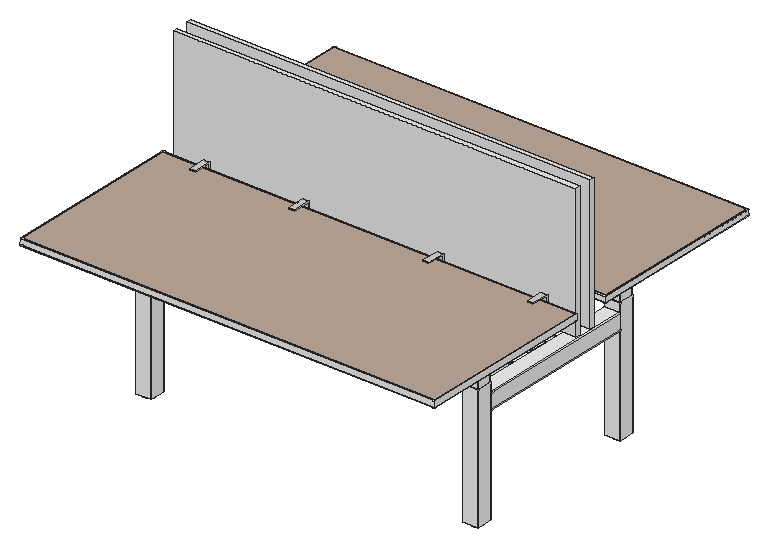
Revit family "T200024", category Furniture, Revit 2022 (continued)
Definition of nested family "OFS RANGE 30D RECTANGULAR TOP"
  Types (10): name | Width | Model | Description
    30D RECTANGULAR TOP 54W | 54" | "HB-5430HARTS" | "OFS CAROLINA RANGE 30\"D RECTANGULAR TOP, 54\" Width, Use with 60\" Bench Kit when Worksurface Side Modesty is Specified"
    30D RECTANGULAR TOP 60W | 60" | "HB-6030HARTS" | "OFS CAROLINA RANGE 30\"D RECTANGULAR TOP, 60\" Width, Use with 66\" Bench Kit when Worksurface Side Modesty is Specified"
    30D RECTANGULAR TOP 66W | 66" | "HB-6630HARTS" | "OFS CAROLINA RANGE 30\"D RECTANGULAR TOP, 66\" Width, Use with 72\" Bench Kit when Worksurface Side Modesty is Specified"
    30D RECTANGULAR TOP 72W | 72" | "HB-7230HART" | "OFS CAROLINA RANGE 30\"D RECTANGULAR TOP, 72\" Width, Use with 72\" Bench Kit"
  Reference planes (in)
    plane 1 "Back": y = 0
    plane 2: z = 0
    plane 3 "Center Left/Right": x = 0
    plane 4 "Front": y = -30
    plane 5 "Left": x = -36
    plane 6 "Right": x = 36
    plane 7: z = 27.875
    plane 8: z = 29.0625
    plane 9: y = -0.125
    plane 10: x = -35.875
    plane 11: x = 35.875
    plane 12: y = -29.875
    plane 13: y = -15
  Forms (in)
    Extrusion 1, solid, material <- "Worksurface Material"
      sketch origin (0, 0, 0) x (1, 0, 0) y (0, 1, 0)
        loop
          line (-35.875, -0.125) -> (-35.875, -29.875) -> (35.875, -29.875) -> (35.875, -0.125) -> (-35.875, -0.125)
      from 27.875 to 29.0625
    Sweep 2, solid, material <- "Edge Material"
      path in 3D
        loop
          line (-35.875, -0.125, 29.0625) -> (-35.875, -29.875, 29.0625) -> (35.875, -29.875, 29.0625) -> (35.875, -0.125, 29.0625) -> (-35.875, -0.125, 29.0625)
      profile origin (0, -0.125, 29.0625) x (0, -1, 0) y (0, 0, 1)
        loop
          arc (0, 0) -> (-0.08839, -0.03661) -> (-0.125, -0.125) r 0.125
          line (-0.125, -0.125) -> (-0.125, -1.0625)
          arc (-0.125, -1.0625) -> (-0.08839, -1.15089) -> (0, -1.1875) r 0.125
          line (0, -1.1875) -> (0, 0)
  Lines and regions (in)
    sketch lines
      curve 1: line (35.875, -0.125, 29.0625) -> (-35.875, -0.125, 29.0625)
      curve 2: line (-35.875, -0.125, 29.0625) -> (-35.875, -29.875, 29.0625)
      curve 3: line (-35.875, -29.875, 29.0625) -> (35.875, -29.875, 29.0625)
      curve 4: line (35.875, -29.875, 29.0625) -> (35.875, -0.125, 29.0625)
  Dimensions and locks (in)
    "Depth": plane 4 "Front" to plane 1 "Back"
    equal spacing: plane 5 "Left", plane 3 "Center Left/Right", plane 6 "Right"
    "Width": plane 5 "Left" to plane 6 "Right"
    "Height from Floor": plane 7 to level
    "Height": plane 8 to plane 7
    locked: plane 5 "Left" to plane 10 at 0.125
    locked: plane 11 to plane 6 "Right" at 0.125
    locked: plane 4 "Front" to plane 12 at 0.125
    locked: plane 9 to plane 1 "Back" at 0.125
    equal spacing: plane 4 "Front", plane 13, plane 1 "Back"
    aligned and locked: level to plane 2
    aligned and locked: plane 11 to Extrusion 1 sketch curve
    aligned and locked: plane 9 to Extrusion 1 sketch curve
    aligned and locked: plane 10 to Extrusion 1 sketch curve
    aligned and locked: plane 8 to Extrusion 1
    aligned and locked: Extrusion 1 to plane 7
  Automatic sketch dimensions
    plane 12 to Extrusion 1 sketch curve = 0"
    Sweep 2 sketch curve to profile plane = 0"  (x2)
    Sweep 2 sketch curve to Sweep 2 sketch curve = 15/16"
    Sweep 2 sketch curve to Sweep 2 sketch curve = 1/8"
Definition of nested family "OFS RANGE BRACKETS FOR WORKSURFACE EDGE MODESTY WOOD AND TFL PANEL"
  Parameters (values of type "BRACKETS FOR WORKSURFACE EDGE MODESTY Wood and TFL Panel")
    Width = 1"
    URL = "http://www.ofs.com/"
    Height from Floor = 30"
    Height = 2 1/2"
    Model = "WEBKT-2"
    Manufacturer = "CAROLINA"
    Description = "OFS CAROLINA RANGE BRACKETS FOR WORKSURFACE EDGE MODESTY Wood and TLF Panel, the Brackets are Not Visible from the Approach Side"
    Depth = 3 1/4"
    Default Elevation = 0"
    Copyright © = "© 2019 OFS"
    Catalog = "https://ofs.com/products/open-plan/benching/range"
    Authoring Version = "Autodesk Revit Architecture 2015"
    Assembly Code = "E2020200"
    Surface Material = none
  Reference planes (in)
    plane 1 "Center (Front/Back)": y = 0
    plane 2: z = 0
    plane 3 "Center (Left/Right)": x = 0
    plane 4: x = 0.5
    plane 5: x = -0.5
    plane 6: y = 0.25
    plane 7: y = -3
    plane 8: z = 30
    plane 9: z = 32.5
    plane 10: y = -1.25
  Forms (in)
    Extrusion 1, solid, material <- "Surface Material"
      sketch origin (0, 0, 0) x (0, 1, 0) y (0, 0, 1)
        loop
          line (0, 32.5) -> (-3, 32.5) -> (-3, 32.375) -> (-1.25, 32.375) -> (-1.25, 31.125) -> (-3, 31.125) -> (-3, 31) -> (-1.25, 31) -> (-1.25, 30) -> (0, 30) -> (0, 32.5)
        loop
          line (-0.125, 32.375) -> (-1.125, 32.375) -> (-1.125, 30.125) -> (-0.125, 30.125) -> (-0.125, 32.375)
      from -0.5 to 0.5
    Extrusion 2, void
      sketch origin (0, 0, 0) x (1, 0, 0) y (0, 0, 1)
        loop
          circle (0, 30.5625) r 0.1875
        loop
          circle (0, 31.6875) r 0.1875
      from 0.83423 to 1.60927
    Extrusion 3, solid, material <- "Surface Material"
      sketch origin (0, 0, 0) x (1, 0, 0) y (0, 0, 1)
        loop
          circle (0, 30.5625) r 0.0625
        loop
          circle (0, 31.6875) r 0.0625
      from 0 to -0.25
    Extrusion 4, solid, material <- "Surface Material"
      sketch origin (0, 0, 0) x (1, 0, 0) y (0, 1, 0)
        loop
          circle (0, -2.15157) r 0.125
      from 31.125 to 31.5
  Cuts and joins
    Extrusion 2 cuts Extrusion 1
  Dimensions and locks (in)
    equal spacing: plane 5, plane 3 "Center (Left/Right)", plane 4
    "Width": plane 5 to plane 4
    plane 1 "Center (Front/Back)" to plane 7 = 3"
    "Height": plane 9 to plane 8
    "Height from Floor": plane 8 to level
    plane 1 "Center (Front/Back)" to plane 6 = 1/4"
    aligned and locked: level to plane 2
    aligned and locked: plane 9 to Extrusion 1 sketch curve
    aligned and locked: Extrusion 1 sketch curve to plane 1 "Center (Front/Back)"
    aligned and locked: Extrusion 1 sketch curve to plane 8
    aligned and locked: plane 10 to Extrusion 1 sketch curve
    aligned and locked: Extrusion 1 sketch curve to plane 7
    aligned and locked: plane 5 to Extrusion 1
    aligned and locked: plane 4 to Extrusion 1
    aligned and locked: Extrusion 3 to plane 1 "Center (Front/Back)"
    aligned and locked: plane 6 to Extrusion 3
  Automatic sketch dimensions
    Extrusion 1 sketch curve to plane 10 = 0"
    plane 8 to Extrusion 1 sketch curve = 1/8"
    Extrusion 1 sketch curve to plane 7 = 0"
    Extrusion 1 sketch curve to plane 10 = 1/8"
    plane 1 "Center (Front/Back)" to Extrusion 1 sketch curve = 1/8"
    Extrusion 1 sketch curve to Extrusion 1 sketch curve = 7/8"
    Extrusion 1 sketch curve to Extrusion 1 sketch curve = 1/8"
    Extrusion 1 sketch curve to plane 9 = 1/8"  (x2)
    Extrusion 2 sketch curve to plane 3 "Center (Left/Right)" = 0"  (x2)
    plane 8 to Extrusion 2 sketch curve = 9/16"
    Extrusion 2 sketch curve to plane 9 = 13/16"
    Extrusion 3 sketch curve to plane 3 "Center (Left/Right)" = 0"  (x2)
    plane 8 to Extrusion 3 sketch curve = 9/16"
    Extrusion 3 sketch curve to plane 9 = 13/16"
    Extrusion 4 sketch curve to plane 3 "Center (Left/Right)" = 0"
    Extrusion 4 sketch curve to plane 7 = 0.84843"
    radius of Extrusion 2 sketch curve = 3/16"  (x2)
    radius of Extrusion 3 sketch curve = 1/16"  (x2)
    radius of Extrusion 4 sketch curve = 1/8"
Definition of nested family "OFS RANGE WORKSURFACE EDGE MODESTY TFL HPL OR WILSONART"
  Parameters (values of type "WORKSURFACE EDGE MODESTY 68W TFL HPL OR WILSONART")
    Worksurface Material = none
    Width = 68"
    URL = "http://www.ofs.com/"
    Model = "HB-WEMK-68/22.5"
    Manufacturer = "CAROLINA"
    Height from Floor = 24 1/2"
    Height = 22 1/2"
    Support Material = none
    Description = "OFS RANGE WORKSURFACE EDGE MODESTY TFL HPL OR WILSONART, 68\" Width, Use with 70\"W Worksurface"
    Depth = 3/4"
    Default Elevation = 0"
    Copyright © = "©OFS 2019"
    Catalog = "https://ofs.com/products/open-plan/benching/range"
    Authoring Version = "Autodesk Revit Architecture 2015"
    Assembly Code = "E2020200"
  Types (10): name | Width | Model | Description
    (no name) | 68" | "HB-WEMK-68/22.5" | "OFS RANGE WORKSURFACE EDGE MODESTY TFL HPL OR WILSONART, 68\" Width, Use with 70\"W Worksurface"
    WORKSURFACE EDGE MODESTY 46W TFL HPL OR WILSONART | 46" | "HB-WEMK-46/22.5" | "OFS RANGE WORKSURFACE EDGE MODESTY TFL HPL OR WILSONART, 46\" Width, Use with 48\"W Worksurface"
    WORKSURFACE EDGE MODESTY 52W TFL HPL OR WILSONART | 52" | "HB-WEMK-52/22.5" | "OFS RANGE WORKSURFACE EDGE MODESTY TFL HPL OR WILSONART, 52\" Width, Use with 54\"W Worksurface"
    WORKSURFACE EDGE MODESTY 58W TFL HPL OR WILSONART | 58" | "HB-WEMK-58/22.5" | "OFS RANGE WORKSURFACE EDGE MODESTY TFL HPL OR WILSONART, 58\" Width, Use with 60\"W Worksurface"
    WORKSURFACE EDGE MODESTY 64W TFL HPL OR WILSONART | 64" | "HB-WEMK-64/22.5" | "OFS RANGE WORKSURFACE EDGE MODESTY TFL HPL OR WILSONART, 64\" Width, Use with 66\"W Worksurface"
    WORKSURFACE EDGE MODESTY 70W TFL HPL OR WILSONART | 70" | "HB-WEMK-70/22.5" | "OFS RANGE WORKSURFACE EDGE MODESTY TFL HPL OR WILSONART, 70\" Width, Use with 72\"W Worksurface"
    WORKSURFACE EDGE MODESTY 50W TFL HPL OR WILSONART | 50" | "HB-WEMK-50/22.5" | "OFS RANGE WORKSURFACE EDGE MODESTY TFL HPL OR WILSONART, 50\" Width, Use with 52\"W Worksurface"
    WORKSURFACE EDGE MODESTY 56W TFL HPL OR WILSONART | 56" | "HB-WEMK-56/22.5" | "OFS RANGE WORKSURFACE EDGE MODESTY TFL HPL OR WILSONART, 56\" Width, Use with 58\"W Worksurface"
    WORKSURFACE EDGE MODESTY 62W TFL HPL OR WILSONART | 62" | "HB-WEMK-62/22.5" | "OFS RANGE WORKSURFACE EDGE MODESTY TFL HPL OR WILSONART, 62\" Width, Use with 64\"W Worksurface"
    WORKSURFACE EDGE MODESTY 68W TFL HPL OR WILSONART | 68" | "HB-WEMK-68/22.5" | "OFS RANGE WORKSURFACE EDGE MODESTY TFL HPL OR WILSONART, 68\" Width, Use with 70\"W Worksurface"
  Reference planes (in)
    plane 1 "Back": y = -11.625
    plane 2: z = 0
    plane 3 "Center Left/Right": x = 0
    plane 4 "Front": y = -12.375
    plane 5 "Left": x = -34
    plane 6 "Right": x = 34
    plane 7: z = 24.5
    plane 8: z = 47
    plane 9: y = -12
    plane 10: x = -27.5
    plane 11: x = -25
    plane 12: x = 27.5
    plane 13: x = 25
  Forms (in)
    Extrusion 1, solid, material <- "Worksurface Material"
      sketch origin (0, 0, 0) x (1, 0, 0) y (0, 1, 0)
        loop
          line (-34, -11.625) -> (-34, -12.375) -> (34, -12.375) -> (34, -11.625) -> (-34, -11.625)
      from 24.5 to 47
  Dimensions and locks (in)
    "Depth": plane 4 "Front" to plane 1 "Back"
    equal spacing: plane 5 "Left", plane 3 "Center Left/Right", plane 6 "Right"
    "Width": plane 5 "Left" to plane 6 "Right"
    "Height from Floor": plane 7 to level
    "Height": plane 8 to plane 7
    equal spacing: plane 4 "Front", plane 9, plane 1 "Back"
    plane 5 "Left" to plane 10 to plane 11 = 6 1/2" locked, 2 1/2" locked
    plane 6 "Right" to plane 12 to plane 13 = 6 1/2" locked, 2 1/2" locked
    aligned and locked: level to plane 2
    aligned and locked: plane 8 to Extrusion 1
    aligned and locked: Extrusion 1 to plane 7
    aligned and locked: plane 4 "Front" to Extrusion 1
    aligned and locked: Extrusion 1 to plane 5 "Left"
    aligned and locked: Extrusion 1 to plane 1 "Back"
    aligned and locked: Extrusion 1 to plane 6 "Right"
  Automatic sketch dimensions
    plane 4 "Front" to Extrusion 1 sketch curve = 0"
    Extrusion 1 sketch curve to plane 5 "Left" = 0"
    Extrusion 1 sketch curve to plane 6 "Right" = 0"
    plane 1 "Back" to Extrusion 1 sketch curve = 0"
Definition of nested family "OFS ELEMENT OPEN L DESK LEFT AND RIGHT 84in Width 60in Return"
  Parameters (values of type "ELEMENT OPEN L DESK RIGHT RETURN 84in Width 60in Return")
    Worksurface Material = none
    Width = 84"
    URL = "http://www.ofsbrands.com/"
    Transaction Shelf Material = none
    Table Supp from Lateral = 2 5/8"
    Table Supp from Center = 11 1/8"
    Table Depth = 13 1/2"
    Right Return Desk Option = no
    Right Desk Ovelay [instance] = and(Right Return Desk Option, Desk Overlay Option)  # no
    Return Worksurface Width = 22"
    Paper Organizer Material = none
    Paper Organizer Depth = 12 3/4"
    Paper Organizer Clearance = 4 5/8"
    Paper Organizer Board Thickness = 3/4"
    Model = "EL-T84RL60C"
    Manufacturer = "OFS"
    Left Return Desk Option = yes
    Left Desk Overlay [instance] = and(Left Return Desk Option, Desk Overlay Option)  # yes
    Lateral Board Thickness = 1 3/16"
    Height = 45"
    Standoffs Material = none
    Groomet Material = none
    Desk Overlay Thickness = 1/8"
    Desk Overlay Option [instance] = yes
    Desk Overlay Material = none
    Desk Overlay = 6 1/2"
    Description = "OFS BRANDS OFS ELEMENT OPEN L DESK RIGHT RETURN 84\" Width, 84\"W x 34.3125\"D DESK, 60\"W x 22\"D RETURN With Paper Organizer"
    Desk Depth = 34 5/16"
    Depth = 94 5/16"
    Default Elevation = 0"
    Copyright © = "© 2018 OFS BRANDS"
    Catalog = "http://ofs.com/products/casegoods/reception/element"
    Bottom Board Offset = 0"
    Chassis Material = none
    Base Depth = 30"
    Back Board Thickness = 1 3/16"
    Authoring Version = "Autodesk Revit Architecture 2013"
    Assembly Code = "E2020200"
  Types (3): name | Model | Left Return Desk Option | Left Desk Overlay | Description
    (no name) | "EL-T84RL60C" | yes | yes | "OFS BRANDS OFS ELEMENT OPEN L DESK RIGHT RETURN 84\" Width, 84\"W x 34.3125\"D DESK, 60\"W x 22\"D RETURN With Paper Organizer"
    ELEMENT OPEN L DESK LEFT RETURN 84in Width 60in Return | "EL-T84LL60C" | no | no | "OFS BRANDS OFS ELEMENT OPEN L DESK LEFT RETURN 84\" Width, 84\"W x 34.3125\"D DESK, 60\"W x 22\"D RETURN With Paper Organizer"
    ELEMENT OPEN L DESK RIGHT RETURN 84in Width 60in Return | "EL-T84RL60C" | yes | yes | "OFS BRANDS OFS ELEMENT OPEN L DESK RIGHT RETURN 84\" Width, 84\"W x 34.3125\"D DESK, 60\"W x 22\"D RETURN With Paper Organizer"
  Reference planes (in)
    plane 1 "Center Front/Back": y = 0
    plane 2: z = 0
    plane 3 "Center Left/Right": x = 0
    plane 4 "Back External": y = 17.15625
    plane 5 "Right External": x = 42
    plane 6 "Front External": y = -17.15625
    plane 7 "Left External": x = -42
    plane 8 "Seat Height": z = 29.5
    plane 9 "Height": z = 45
    plane 10: x = 40.8125
    plane 11: x = -40.8125
    plane 12: y = 12.84375
    plane 13: y = 11.65625
    plane 14: y = 3.65625
    plane 15: z = 40.5
    plane 16: z = 28.5
    plane 17: z = 43.875
    plane 18: z = 39.375
    plane 19: z = 0
    plane 20: x = 39.375
    plane 21: x = 2.625
    plane 22: x = 35.5
    plane 23: z = 6.5
    plane 24: z = 34
    plane 25: y = 12.96875
    plane 26: y = -77.15625
    plane 27: x = -20
    plane 28: x = 20
    plane 29: y = -75.96875
    plane 30: x = -37
    plane 31: x = 37
    plane 32: y = -47.15625
    plane 33: x = 6.5
    plane 34: y = -18.34375
    plane 35: y = -75.21875
    plane 36: x = -40.0625
    plane 37: y = -19.09375
    plane 38: x = -28.0625
    plane 39: z = 34.125
    plane 40: z = 39.75
    plane 41: z = 34.875
    plane 42: y = -61.5625
    plane 43: y = -32.75
    plane 44: x = -28.8125
    plane 45: x = 20
    plane 46: x = 37
    plane 47: y = -19.09375
    plane 48: x = 28.0625
    plane 49: y = -61.5625
    plane 50: y = -32.75
    plane 51: x = 28.8125
    plane 52: x = -39.375
    plane 53: x = -2.625
    plane 54: x = -35.5
    plane 55: x = -6.5
  Forms (in)
    Extrusion 1, solid, material <- "Chassis Material", visible <- "Left Return Desk Option"
      sketch origin (0, 0, 0) x (1, 0, 0) y (0, 1, 0)
        loop
          line (42, 12.84375) -> (0, 12.84375) -> (0, 11.65625) -> (40.8125, 11.65625) -> (40.8125, -17.15625) -> (42, -17.15625) -> (42, 12.84375)
      from 0 to 40.5
    Extrusion 2, solid, material <- "Chassis Material", visible <- "Left Return Desk Option"
      sketch origin (0, 0, 6) x (1, 0, 0) y (0, 1, 0)
        loop
          line (0, 11.65625) -> (0, 3.65625) -> (40.8125, 3.65625) -> (40.8125, 11.65625) -> (0, 11.65625)
      from 33.375 to 34.5
    Extrusion 3, solid, material <- "Transaction Shelf Material", visible <- "Left Return Desk Option"
      sketch origin (0, 0, 6) x (1, 0, 0) y (0, 1, 0)
        loop
          line (0, 17.15625) -> (0, 3.65625) -> (42, 3.65625) -> (42, 17.15625) -> (0, 17.15625)
      from 37.875 to 39
    Extrusion 4, solid, material <- "Standoffs Material", visible <- "Left Return Desk Option"
      sketch origin (44.5, 0, 0) x (1, 0, 0) y (0, 1, 0)
        loop
          circle (-41.875, 10.04085) r 0.625
      from 40.5 to 43.875
    Extrusion 5, solid, material <- "Standoffs Material", visible <- "Left Return Desk Option"
      sketch origin (44.5, -4.75, 0) x (1, 0, 0) y (0, 1, 0)
        loop
          circle (-41.875, 10.04085) r 0.625
      from 40.5 to 43.875
    Extrusion 6, solid, material <- "Standoffs Material", visible <- "Left Return Desk Option"
      sketch origin (66.75, 0, 0) x (1, 0, 0) y (0, 1, 0)
        loop
          circle (-27.375, 10.04085) r 0.625
      from 40.5 to 43.875
    Extrusion 7, solid, material <- "Standoffs Material", visible <- "Left Return Desk Option"
      sketch origin (66.75, -4.75, 0) x (1, 0, 0) y (0, 1, 0)
        loop
          circle (-27.375, 10.04085) r 0.625
      from 40.5 to 43.875
    Extrusion 8, solid, material <- "Chassis Material", visible <- "Left Return Desk Option"
      sketch origin (0, 0, 0) x (1, 0, 0) y (0, 1, 0)
        loop
          line (-42, -17.15625) -> (-42, -77.15625) -> (-20, -77.15625) -> (-20, -75.96875) -> (-40.8125, -75.96875) -> (-40.8125, -18.34375) -> (-20, -18.34375) -> (-20, -17.15625) -> (-42, -17.15625)
      from 0 to 40.5
    Extrusion 9, solid, material <- "Worksurface Material", visible <- "Left Return Desk Option"
      sketch origin (14.83926, -32.43958, 0) x (1, 0, 0) y (0, 1, 0)
        loop
          line (-55.65176, 14.09583) -> (-55.65176, -43.52917) -> (-34.83926, -43.52917) -> (-34.83926, 14.09583) -> (-55.65176, 14.09583)
      from 28.5 to 29.5
    Extrusion 10, solid, material <- "Desk Overlay Material", visible <- "Left Desk Overlay"
      sketch origin (0, 0, 0) x (1, 0, 0) y (0, 0, 1)
        loop
          line (35.5, 34) -> (6.5, 34) -> (6.5, 6.5) -> (35.5, 6.5) -> (35.5, 34)
      from -12.96875 to -12.84375
    Extrusion 11, solid, material <- "Chassis Material", visible <- "Left Return Desk Option"
      sketch origin (-18.5848, -3.95032, 0) x (1, 0, 0) y (0, 1, 0)
        loop
          line (19.7723, 15.60657) -> (18.5848, 15.60657) -> (18.5848, 3.95032) -> (19.7723, 3.95032) -> (19.7723, 15.60657)
      from 0 to 28.5
    Extrusion 12, solid, material <- "Paper Organizer Material", visible <- "Left Return Desk Option"
      sketch origin (0, 0, 0) x (1, 0, 0) y (0, 1, 0)
        loop
          line (-28.0625, -19.09375) -> (-28.0625, -18.34375) -> (-40.8125, -18.34375) -> (-40.8125, -75.96875) -> (-28.0625, -75.96875) -> (-28.0625, -75.21875) -> (-40.0625, -75.21875) -> (-40.0625, -19.09375) -> (-28.0625, -19.09375)
      from 34.125 to 40.5
    Extrusion 13, solid, material <- "Paper Organizer Material", visible <- "Left Return Desk Option"
      sketch origin (0, 0, 0) x (1, 0, 0) y (0, 1, 0)
        loop
          line (-40.8125, -18.34375) -> (-40.8125, -75.96875) -> (-28.0625, -75.96875) -> (-28.0625, -18.34375) -> (-40.8125, -18.34375)
      from 39.75 to 40.5
    Extrusion 14, solid, material <- "Paper Organizer Material", visible <- "Left Return Desk Option"
      sketch origin (0, 0, 0) x (1, 0, 0) y (0, 1, 0)
        loop
          line (-40.8125, -18.34375) -> (-40.8125, -75.96875) -> (-28.0625, -75.96875) -> (-28.0625, -18.34375) -> (-40.8125, -18.34375)
      from 34.125 to 34.875
    Extrusion 15, solid, material <- "Paper Organizer Material", visible <- "Left Return Desk Option"
      sketch origin (0, 0, 0) x (1, 0, 0) y (0, 1, 0)
        loop
          line (-40.0625, -32.625) -> (-40.0625, -32.875) -> (-28.8125, -32.875) -> (-28.8125, -32.625) -> (-40.0625, -32.625)
      from 34.875 to 39.75
    Extrusion 16, solid, material <- "Paper Organizer Material", visible <- "Left Return Desk Option"
      sketch origin (0, -11.40625, 0) x (1, 0, 0) y (0, 1, 0)
        loop
          line (-40.0625, -35.625) -> (-40.0625, -35.875) -> (-28.8125, -35.875) -> (-28.8125, -35.625) -> (-40.0625, -35.625)
      from 34.875 to 39.75
    Extrusion 17, solid, material <- "Paper Organizer Material", visible <- "Left Return Desk Option"
      sketch origin (0, -22.8125, 0) x (1, 0, 0) y (0, 1, 0)
        loop
          line (-40.0625, -38.625) -> (-40.0625, -38.875) -> (-28.8125, -38.875) -> (-28.8125, -38.625) -> (-40.0625, -38.625)
      from 34.875 to 39.75
    Extrusion 18, solid, material <- "Chassis Material", visible <- "Right Return Desk Option"
      sketch origin (0, 0, 0) x (-1, 0, 0) y (0, -1, 0)
        loop
          line (-42, 17.15625) -> (-20, 17.15625) -> (-20, 18.34375) -> (-40.8125, 18.34375) -> (-40.8125, 75.96875) -> (-20, 75.96875) -> (-20, 77.15625) -> (-42, 77.15625) -> (-42, 17.15625)
      from 0 to 40.5
    Extrusion 19, solid, material <- "Worksurface Material", visible <- "Right Return Desk Option"
      sketch origin (-14.83926, -32.43958, 0) x (-1, 0, 0) y (0, -1, 0)
        loop
          line (-55.65176, -14.09583) -> (-34.83926, -14.09583) -> (-34.83926, 43.52917) -> (-55.65176, 43.52917) -> (-55.65176, -14.09583)
      from 28.5 to 29.5
    Extrusion 20, solid, material <- "Paper Organizer Material", visible <- "Right Return Desk Option"
      sketch origin (0, 0, 0) x (-1, 0, 0) y (0, -1, 0)
        loop
          line (-28.0625, 19.09375) -> (-40.0625, 19.09375) -> (-40.0625, 75.21875) -> (-28.0625, 75.21875) -> (-28.0625, 75.96875) -> (-40.8125, 75.96875) -> (-40.8125, 18.34375) -> (-28.0625, 18.34375) -> (-28.0625, 19.09375)
      from 34.125 to 40.5
    Extrusion 21, solid, material <- "Paper Organizer Material", visible <- "Right Return Desk Option"
      sketch origin (0, 0, 0) x (-1, 0, 0) y (0, -1, 0)
        loop
          line (-40.8125, 18.34375) -> (-28.0625, 18.34375) -> (-28.0625, 75.96875) -> (-40.8125, 75.96875) -> (-40.8125, 18.34375)
      from 39.75 to 40.5
    Extrusion 22, solid, material <- "Paper Organizer Material", visible <- "Right Return Desk Option"
      sketch origin (0, 0, 0) x (-1, 0, 0) y (0, -1, 0)
        loop
          line (-40.8125, 18.34375) -> (-28.0625, 18.34375) -> (-28.0625, 75.96875) -> (-40.8125, 75.96875) -> (-40.8125, 18.34375)
      from 34.125 to 34.875
    Extrusion 23, solid, material <- "Paper Organizer Material", visible <- "Right Return Desk Option"
      sketch origin (0, 0, 0) x (-1, 0, 0) y (0, -1, 0)
        loop
          line (-40.0625, 32.625) -> (-28.8125, 32.625) -> (-28.8125, 32.875) -> (-40.0625, 32.875) -> (-40.0625, 32.625)
      from 34.875 to 39.75
    Extrusion 24, solid, material <- "Paper Organizer Material", visible <- "Right Return Desk Option"
      sketch origin (0, -11.40625, 0) x (-1, 0, 0) y (0, -1, 0)
        loop
          line (-40.0625, 35.625) -> (-28.8125, 35.625) -> (-28.8125, 35.875) -> (-40.0625, 35.875) -> (-40.0625, 35.625)
      from 34.875 to 39.75
    Extrusion 25, solid, material <- "Paper Organizer Material", visible <- "Right Return Desk Option"
      sketch origin (0, -22.8125, 0) x (-1, 0, 0) y (0, -1, 0)
        loop
          line (-40.0625, 38.625) -> (-28.8125, 38.625) -> (-28.8125, 38.875) -> (-40.0625, 38.875) -> (-40.0625, 38.625)
      from 34.875 to 39.75
    Extrusion 26, solid, material <- "Worksurface Material", visible <- "Right Return Desk Option"
      sketch origin (0, 0, 0) x (-1, 0, 0) y (0, -1, 0)
        loop
          line (-36, -11.65625) -> (40.8125, -11.65625) -> (40.8125, 17.15625) -> (-42, 17.15625) -> (-42, -5.65625)
          arc (-42, -5.65625) -> (-40.24264, -9.89889) -> (-36, -11.65625) r 6
      from 28.5 to 29.5
    Extrusion 27, solid, material <- "Chassis Material", visible <- "Right Return Desk Option"
      sketch origin (0, 0, 0) x (-1, 0, 0) y (0, -1, 0)
        loop
          line (42, -12.84375) -> (42, 17.15625) -> (40.8125, 17.15625) -> (40.8125, -11.65625) -> (0, -11.65625) -> (0, -12.84375) -> (42, -12.84375)
      from 0 to 40.5
    Extrusion 28, solid, material <- "Transaction Shelf Material", visible <- "Right Return Desk Option"
      sketch origin (0, 0, 6) x (-1, 0, 0) y (0, -1, 0)
        loop
          line (0, -17.15625) -> (42, -17.15625) -> (42, -3.65625) -> (0, -3.65625) -> (0, -17.15625)
      from 37.875 to 39
    Extrusion 29, solid, material <- "Standoffs Material", visible <- "Right Return Desk Option"
      sketch origin (-44.5, 0, 0) x (-1, 0, 0) y (0, -1, 0)
        loop
          circle (-41.875, -10.04085) r 0.625
      from 40.5 to 43.875
    Extrusion 30, solid, material <- "Standoffs Material", visible <- "Right Return Desk Option"
      sketch origin (-44.5, -4.75, 0) x (-1, 0, 0) y (0, -1, 0)
        loop
          circle (-41.875, -10.04085) r 0.625
      from 40.5 to 43.875
    Extrusion 31, solid, material <- "Standoffs Material", visible <- "Right Return Desk Option"
      sketch origin (-66.75, 0, 0) x (-1, 0, 0) y (0, -1, 0)
        loop
          circle (-27.375, -10.04085) r 0.625
      from 40.5 to 43.875
    Extrusion 32, solid, material <- "Standoffs Material", visible <- "Right Return Desk Option"
      sketch origin (-66.75, -4.75, 0) x (-1, 0, 0) y (0, -1, 0)
        loop
          circle (-27.375, -10.04085) r 0.625
      from 40.5 to 43.875
    Extrusion 33, solid, material <- "Chassis Material", visible <- "Right Return Desk Option"
      sketch origin (18.5848, -3.95032, 0) x (-1, 0, 0) y (0, -1, 0)
        loop
          line (19.7723, -15.60657) -> (19.7723, -3.95032) -> (18.5848, -3.95032) -> (18.5848, -15.60657) -> (19.7723, -15.60657)
      from 0 to 28.5
    Extrusion 34, solid, material <- "Chassis Material", visible <- "Right Return Desk Option"
      sketch origin (0, 0, 6) x (-1, 0, 0) y (0, -1, 0)
        loop
          line (0, -11.65625) -> (40.8125, -11.65625) -> (40.8125, -3.65625) -> (0, -3.65625) -> (0, -11.65625)
      from 33.375 to 34.5
    Extrusion 35, solid, material <- "Desk Overlay Material", visible <- "Right Desk Ovelay"
      sketch origin (0, 0, 0) x (-1, 0, 0) y (0, 0, -1)
        loop
          line (35.5, -34) -> (35.5, -6.5) -> (6.5, -6.5) -> (6.5, -34) -> (35.5, -34)
      from -12.96875 to -12.84375
    Extrusion 36, solid, material <- "Worksurface Material", visible <- "Left Return Desk Option"
      sketch origin (0, 0, 0) x (1, 0, 0) y (0, 1, 0)
        loop
          arc (-36, 11.65625) -> (-40.24264, 9.89889) -> (-42, 5.65625) r 6
          line (-42, 5.65625) -> (-42, -17.15625) -> (40.8125, -17.15625) -> (40.8125, 11.65625) -> (-36, 11.65625)
      from 28.5 to 29.5
  Cuts and joins
    joined: Extrusion 12, Extrusion 13, Extrusion 14
    joined: Extrusion 20, Extrusion 21, Extrusion 22
  Dimensions and locks (in)
    equal spacing: plane 7 "Left External", plane 3 "Center Left/Right", plane 5 "Right External"
    "Width": plane 7 "Left External" to plane 5 "Right External"
    equal spacing: plane 6 "Front External", plane 1 "Center Front/Back", plane 4 "Back External"
    "Desk Depth": plane 4 "Back External" to plane 6 "Front External"
    plane 8 "Seat Height" to level = 29 1/2"
    "Height": plane 9 "Height" to level
    "Lateral Board Thickness": plane 7 "Left External" to plane 11
    "Lateral Board Thickness": plane 10 to plane 5 "Right External"
    "Base Depth": plane 12 to plane 6 "Front External"
    "Back Board Thickness": plane 12 to plane 13
    "Table Depth": plane 4 "Back External" to plane 14
    plane 15 to level = 40 1/2"
    "Bottom Board Offset": plane 19 to level
    "Table Supp from Lateral": plane 5 "Right External" to plane 20
    "Table Supp from Lateral": plane 21 to plane 3 "Center Left/Right"
    "Desk Overlay": plane 5 "Right External" to plane 22
    "Desk Overlay": plane 24 to plane 15
    "Desk Overlay": plane 19 to plane 23
    "Desk Overlay Thickness": plane 25 to plane 12
    "Depth": plane 4 "Back External" to plane 26
    "Return Worksurface Width": plane 7 "Left External" to plane 27
    "Return Worksurface Width": plane 28 to plane 5 "Right External"
    "Back Board Thickness": plane 29 to plane 26
    plane 7 "Left External" to plane 30 = 5"
    plane 31 to plane 5 "Right External" = 5"
    equal spacing: plane 34, plane 43, plane 32, plane 42, plane 29
    "Desk Overlay": plane 33 to plane 3 "Center Left/Right"
    "Back Board Thickness": plane 6 "Front External" to plane 34
    "Paper Organizer Board Thickness": plane 34 to plane 37
    "Paper Organizer Board Thickness": plane 11 to plane 36
    "Paper Organizer Board Thickness": plane 35 to plane 29
    "Paper Organizer Depth": plane 11 to plane 38
    "Paper Organizer Clearance": plane 39 to plane 8 "Seat Height"
    "Paper Organizer Board Thickness": plane 15 to plane 40
    "Paper Organizer Board Thickness": plane 41 to plane 39
    "Paper Organizer Board Thickness": plane 44 to plane 38
    "Return Worksurface Width": plane 5 "Right External" to plane 45
    plane 29 to plane 26 = 1 3/16"
    plane 5 "Right External" to plane 46 = 5"
    plane 34 to plane 50 to plane 32 to plane 49 to plane 29 = 14 13/32", 14 13/32", 14 13/32", 14 13/32"
    "Paper Organizer Board Thickness": plane 34 to plane 47
    plane 35 to plane 29 = 3/4"
    "Paper Organizer Depth": plane 10 to plane 48
    "Paper Organizer Board Thickness": plane 51 to plane 48
    "Table Supp from Lateral": plane 53 to plane 3 "Center Left/Right"
    "Table Supp from Lateral": plane 7 "Left External" to plane 52
    locked: plane 7 "Left External" to plane 54 at 6.5
    aligned and locked: level to plane 2
    aligned and locked: Extrusion 1 sketch curve to plane 12
    aligned and locked: plane 5 "Right External" to Extrusion 1 sketch curve
    aligned and locked: Extrusion 1 sketch curve to plane 13
    aligned and locked: Extrusion 1 to plane 19
    aligned and locked: Extrusion 2 to plane 18
    aligned and locked: plane 10 to Extrusion 2
    aligned and locked: Extrusion 2 to plane 13
    aligned and locked: Extrusion 2 to plane 14
    aligned and locked: Extrusion 3 to plane 14
    aligned and locked: Extrusion 3 to plane 4 "Back External"
    aligned and locked: Extrusion 3 to plane 9 "Height"
    aligned and locked: Extrusion 3 to plane 17
    aligned and locked: plane 5 "Right External" to Extrusion 3
    aligned and locked: Extrusion 8 sketch curve to plane 29
    aligned and locked: plane 27 to Extrusion 8 sketch curve
    aligned and locked: plane 26 to Extrusion 8 sketch curve
    aligned and locked: Extrusion 8 sketch curve to plane 6 "Front External"
    aligned and locked: plane 11 to Extrusion 9
    aligned and locked: Extrusion 9 to plane 27
    aligned and locked: Extrusion 9 to plane 29
    aligned and locked: Extrusion 8 to plane 19
    aligned and locked: plane 15 to Extrusion 8
    aligned and locked: Extrusion 3 to plane 3 "Center Left/Right"
    aligned and locked: Extrusion 2 to plane 3 "Center Left/Right"
    aligned and locked: Extrusion 10 to plane 33
    aligned and locked: Extrusion 10 to plane 22
    aligned and locked: Extrusion 8 sketch curve to plane 34
    aligned and locked: Extrusion 9 to Extrusion 8 sketch curve
    aligned and locked: Extrusion 9 to Extrusion 8
    aligned and locked: plane 37 to Extrusion 12 sketch curve
    aligned and locked: plane 36 to Extrusion 12 sketch curve
    aligned and locked: Extrusion 12 sketch curve to plane 35
    aligned and locked: Extrusion 12 sketch curve to Extrusion 8  (x3)
    aligned and locked: plane 38 to Extrusion 12 sketch curve  (x2)
    aligned and locked: plane 15 to Extrusion 12
    aligned and locked: Extrusion 12 to plane 39
    aligned and locked: Extrusion 13 sketch curve to Extrusion 8  (x2)
    aligned and locked: Extrusion 13 sketch curve to Extrusion 12  (x2)
    aligned and locked: Extrusion 13 to plane 40
    aligned and locked: plane 15 to Extrusion 13
    aligned and locked: Extrusion 14 sketch curve to Extrusion 8  (x2)
    aligned and locked: plane 29 to Extrusion 14 sketch curve
    aligned and locked: Extrusion 14 sketch curve to plane 38
    aligned and locked: Extrusion 14 to plane 39
    aligned and locked: plane 41 to Extrusion 14
    aligned and locked: Extrusion 15 to plane 41
    aligned and locked: Extrusion 16 to plane 41
    aligned and locked: Extrusion 17 to plane 41
    aligned and locked: plane 40 to Extrusion 15
    aligned and locked: plane 40 to Extrusion 16
    aligned and locked: plane 40 to Extrusion 17
    aligned and locked: plane 29 to Extrusion 18 sketch curve
    aligned and locked: plane 45 to Extrusion 18 sketch curve
    aligned and locked: Extrusion 18 sketch curve to plane 26
    aligned and locked: plane 45 to Extrusion 19
    aligned and locked: plane 29 to Extrusion 19
    aligned and locked: Extrusion 18 sketch curve to plane 34
    aligned and locked: Extrusion 19 to Extrusion 18 sketch curve
    aligned and locked: Extrusion 18 to Extrusion 19
    aligned and locked: Extrusion 20 sketch curve to plane 47
    aligned and locked: plane 35 to Extrusion 20 sketch curve
    aligned and locked: Extrusion 18 to Extrusion 20 sketch curve
    aligned and locked: Extrusion 20 sketch curve to Extrusion 18  (x2)
    aligned and locked: Extrusion 20 sketch curve to plane 48
    aligned and locked: plane 48 to Extrusion 20 sketch curve
    aligned and locked: Extrusion 21 sketch curve to Extrusion 18  (x2)
    aligned and locked: Extrusion 21 sketch curve to Extrusion 20  (x2)
    aligned and locked: Extrusion 22 sketch curve to Extrusion 18  (x2)
    aligned and locked: Extrusion 22 sketch curve to plane 29
    aligned and locked: plane 48 to Extrusion 22 sketch curve
    aligned and locked: Extrusion 26 to Extrusion 27 sketch curve
    aligned and locked: Extrusion 27 sketch curve to Extrusion 26
    aligned and locked: Extrusion 26 to Extrusion 33
    aligned and locked: plane 55 to Extrusion 35
    aligned and locked: plane 54 to Extrusion 35
  Automatic sketch dimensions
    Extrusion 1 sketch curve to plane 3 "Center Left/Right" = 0"
    plane 6 "Front External" to Extrusion 1 sketch curve = 0"
    Extrusion 1 sketch curve to plane 10 = 0"
    Extrusion 2 sketch curve to plane 3 "Center Left/Right" = 0"
    Extrusion 2 sketch curve to plane 10 = 0"
    Extrusion 2 sketch curve to plane 14 = 0"
    Extrusion 2 sketch curve to plane 13 = 0"
    Extrusion 3 sketch curve to plane 3 "Center Left/Right" = 0"
    Extrusion 3 sketch curve to plane 5 "Right External" = 0"
    Extrusion 3 sketch curve to plane 14 = 0"
    Extrusion 3 sketch curve to plane 4 "Back External" = 0"
    Extrusion 4 sketch curve to plane 21 = 0"
    Extrusion 4 sketch curve to plane 13 = 1.6154"
    Extrusion 5 sketch curve to plane 21 = 0"
    plane 14 to Extrusion 5 sketch curve = 1.6346"
    Extrusion 6 sketch curve to plane 20 = 0"
    Extrusion 6 sketch curve to plane 13 = 1.6154"
    Extrusion 7 sketch curve to plane 20 = 0"
    plane 14 to Extrusion 7 sketch curve = 1.6346"
    Extrusion 8 sketch curve to plane 7 "Left External" = 0"
    Extrusion 8 sketch curve to plane 11 = 0"
    Extrusion 9 sketch curve to plane 11 = 0"
    Extrusion 9 sketch curve to plane 27 = 0"
    Extrusion 9 sketch curve to plane 29 = 0"
    Extrusion 9 sketch curve to plane 34 = 0"
    Extrusion 10 sketch curve to plane 24 = 0"
    Extrusion 10 sketch curve to plane 33 = 0"
    plane 22 to Extrusion 10 sketch curve = 0"
    Extrusion 10 sketch curve to plane 23 = 0"
    Extrusion 11 sketch curve to plane 3 "Center Left/Right" = 0"
    plane 1 "Center Front/Back" to Extrusion 11 sketch curve = 0"
    Extrusion 11 sketch curve to plane 13 = 0"
    Extrusion 11 sketch curve to Extrusion 11 sketch curve = 1 3/16"
    Extrusion 12 sketch curve to plane 37 = 0"
    Extrusion 15 sketch curve to plane 36 = 0"
    Extrusion 15 sketch curve to plane 44 = 0"
    Extrusion 15 sketch curve to plane 43 = 1/8"
    plane 43 to Extrusion 15 sketch curve = 1/8"
    Extrusion 16 sketch curve to plane 36 = 0"
    Extrusion 16 sketch curve to plane 44 = 0"
    Extrusion 16 sketch curve to plane 32 = 1/8"
    plane 32 to Extrusion 16 sketch curve = 1/8"
    Extrusion 17 sketch curve to plane 36 = 0"
    Extrusion 17 sketch curve to plane 44 = 0"
    Extrusion 17 sketch curve to plane 42 = 1/8"
    plane 42 to Extrusion 17 sketch curve = 1/8"
    Extrusion 18 sketch curve to plane 5 "Right External" = 0"
    Extrusion 18 sketch curve to plane 10 = 0"
    Extrusion 18 sketch curve to plane 6 "Front External" = 0"
    Extrusion 19 sketch curve to plane 10 = 0"
    Extrusion 19 sketch curve to plane 28 = 0"
    Extrusion 19 sketch curve to plane 29 = 0"
    plane 34 to Extrusion 19 sketch curve = 0"
    plane 37 to Extrusion 20 sketch curve = 0"
    plane 20 to Extrusion 20 sketch curve = 11/16"
    Extrusion 23 sketch curve to plane 51 = 0"
    plane 43 to Extrusion 23 sketch curve = 1/8"
    Extrusion 23 sketch curve to plane 43 = 1/8"
    plane 20 to Extrusion 23 sketch curve = 11/16"
    Extrusion 24 sketch curve to plane 51 = 0"
    plane 32 to Extrusion 24 sketch curve = 1/8"
    Extrusion 24 sketch curve to plane 32 = 1/8"
    plane 20 to Extrusion 24 sketch curve = 11/16"
    Extrusion 25 sketch curve to plane 51 = 0"
    plane 42 to Extrusion 25 sketch curve = 1/8"
    Extrusion 25 sketch curve to plane 42 = 1/8"
    plane 20 to Extrusion 25 sketch curve = 11/16"
    Extrusion 26 sketch curve to plane 5 "Right External" = 0"
    Extrusion 26 sketch curve to plane 13 = 0"
    Extrusion 26 sketch curve to plane 11 = 0"
    Extrusion 26 sketch curve to plane 6 "Front External" = 0"
    plane 22 to Extrusion 26 sketch curve = 1/2"
    Extrusion 27 sketch curve to plane 3 "Center Left/Right" = 0"
    Extrusion 27 sketch curve to plane 7 "Left External" = 0"
    Extrusion 27 sketch curve to plane 13 = 0"
    Extrusion 27 sketch curve to plane 12 = 0"
    Extrusion 28 sketch curve to plane 3 "Center Left/Right" = 0"
    Extrusion 28 sketch curve to plane 7 "Left External" = 0"
    Extrusion 28 sketch curve to plane 4 "Back External" = 0"
    Extrusion 28 sketch curve to plane 14 = 0"
    Extrusion 29 sketch curve to plane 53 = 0"
    plane 13 to Extrusion 29 sketch curve = 1.6154"
    Extrusion 30 sketch curve to plane 53 = 0"
    Extrusion 30 sketch curve to plane 14 = 1.6346"
    Extrusion 31 sketch curve to plane 52 = 0"
    plane 13 to Extrusion 31 sketch curve = 1.6154"
    Extrusion 32 sketch curve to plane 52 = 0"
    Extrusion 32 sketch curve to plane 14 = 1.6346"
    Extrusion 33 sketch curve to plane 3 "Center Left/Right" = 0"
    plane 1 "Center Front/Back" to Extrusion 33 sketch curve = 0"
    Extrusion 33 sketch curve to plane 13 = 0"
    Extrusion 33 sketch curve to Extrusion 33 sketch curve = 1 3/16"
    Extrusion 34 sketch curve to plane 3 "Center Left/Right" = 0"
    Extrusion 34 sketch curve to plane 11 = 0"
    Extrusion 34 sketch curve to plane 13 = 0"
    Extrusion 34 sketch curve to plane 14 = 0"
    Extrusion 35 sketch curve to plane 24 = 0"
    plane 55 to Extrusion 35 sketch curve = 0"
    Extrusion 35 sketch curve to plane 23 = 0"
    plane 54 to Extrusion 35 sketch curve = 0"
    Extrusion 36 sketch curve to plane 7 "Left External" = 0"
    Extrusion 36 sketch curve to plane 13 = 0"
    Extrusion 36 sketch curve to plane 10 = 0"
    plane 6 "Front External" to Extrusion 36 sketch curve = 0"
    Extrusion 36 sketch curve to plane 54 = 1/2"
    radius of Extrusion 4 sketch curve = 5/8"
    radius of Extrusion 5 sketch curve = 5/8"
    radius of Extrusion 6 sketch curve = 5/8"
    radius of Extrusion 7 sketch curve = 5/8"
    radius of Extrusion 29 sketch curve = 5/8"
    radius of Extrusion 30 sketch curve = 5/8"
    radius of Extrusion 31 sketch curve = 5/8"
    radius of Extrusion 32 sketch curve = 5/8"
Types (3): name | Description
  (no name) | "OFS TYPICAL T200024"
  T200 | "OFS TYPICAL T200"
  T200024 | "OFS TYPICAL T200024"
